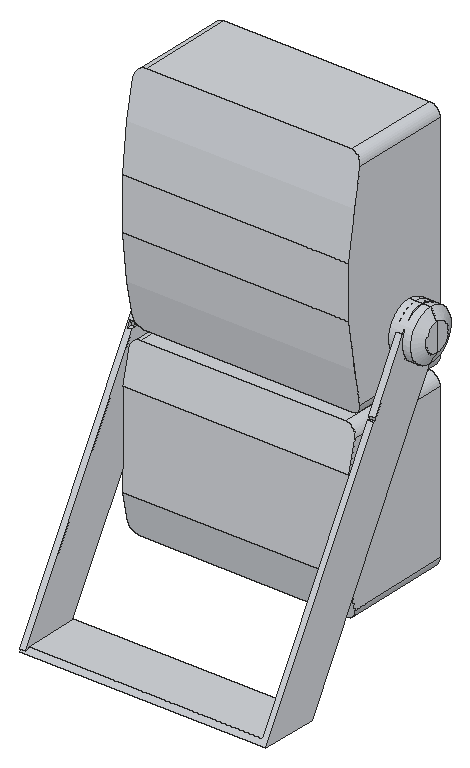
Revit family "Lighting-Proiezione-GEWISS-SMART[PRO]2.0-PROIETTORI-LED-MEDIA-POTENZA_1MODULI_DALI_CLII", category Apparecchi per illuminazione, host Superficie, Revit 2019 (continued)
Types (46, lengths in mm): name | Versioni | Tolleranza cromatica | Temperatura di colore | Spostamento_x_effettivo | Spostamento_x | Scheda Tecnica | Ottica | Modello | Lumen output (lm) | Indice di resa cromatica | IPEA | IDT | Gruppo ottico | Efficienza luminosa (lm/W) | Descrizione | Controllo abbagliamento e luminanza
  GWP2175GB - SMARTPRO2.0 1M 5700K CRI70 C4 DALI CL2 | "Luce fredda 5700K" | "SDCM = 5" | "5700K" | 2938.794 | 1061.206 | "https://www.gewiss.com/it/it/search?q=GWP2175GB" | "C4 - Circolare 15°" | "GWP2175GB" | "20500" | "CRI-70" | "STRADALE = A++ // GRANDI AREE = A6+ // CICLOPEDONALI = A3+ // AREE VERDI = A3+ // CENTRO STORICO = A8+ // ALTRO = A8+" | "4c783cc12b064a0796795d5735f2a2ce" | "Riflettore in PC HT quarzato&nbsp; e metallizzato lucido" | "124" | "SMARTPRO2.0 1M 5700K CRI70 C4 DALI CL2" | "G*6 - ULOR = 0"
  GWP2175HB - SMARTPRO2.0 1M 5700K CRI70 C3 DALI CL2 | "Luce fredda 5700K" | "SDCM = 5" | "5700K" | 2938.794 | 1061.206 | "https://www.gewiss.com/it/it/search?q=GWP2175HB" | "C3 - Circolare 20°" | "GWP2175HB" | "20500" | "CRI-70" | "STRADALE = A++ // GRANDI AREE = A6+ // CICLOPEDONALI = A3+ // AREE VERDI = A3+ // CENTRO STORICO = A8+ // ALTRO = A8+" | "1835b38bfb0f42fc9a58d75a82a83609" | "Riflettore in PC HT quarzato&nbsp; e metallizzato lucido" | "124" | "SMARTPRO2.0 1M 5700K CRI70 C3 DALI CL2" | "G*6 - ULOR = 0"
  GWP2175LB - SMARTPRO2.0 1M 5700K CRI70 C2 DALI CL2 | "Luce fredda 5700K" | "SDCM = 5" | "5700K" | 2938.794 | 1061.206 | "https://www.gewiss.com/it/it/search?q=GWP2175LB" | "C2 - Circolare 25°" | "GWP2175LB" | "20000" | "CRI-70" | "STRADALE = A++ // GRANDI AREE = A5+ // CICLOPEDONALI = A++ // AREE VERDI = A++ // CENTRO STORICO = A7+ // ALTRO = A7+" | "9cba2974a8f345478f12def89d0926a9" | "Riflettore in PC HT quarzato&nbsp; e metallizzato lucido" | "121" | "SMARTPRO2.0 1M 5700K CRI70 C2 DALI CL2" | "G*6 - ULOR = 0"
  GWP2175MB - SMARTPRO2.0 1M 5700K CRI70 C1 DALI CL2 | "Luce fredda 5700K" | "SDCM = 5" | "5700K" | 2939 | 1061 | "https://www.gewiss.com/it/it/search?q=GWP2175MB" | "C1 - Circolare 30°" | "GWP2175MB" | "20000" | "CRI-70" | "STRADALE = A++ // GRANDI AREE = A5+ // CICLOPEDONALI = A++ // AREE VERDI = A++ // CENTRO STORICO = A7+ // ALTRO = A7+" | "3ac47b2dc59540cb81c3f71e70175766" | "Riflettore in PC HT quarzato&nbsp; e metallizzato lucido" | "121" | "SMARTPRO2.0 1M 5700K CRI70 C1 DALI CL2" | "G*6 - ULOR = 0"
  GWP2184AB - SMARTPRO2.0 1M 4000K CRI80 S1 DALI CL2 | "Luce naturale 4000K" | "SDCM = 3" | "4000K" | 2938.794 | 1061.206 | "https://www.gewiss.com/it/it/search?q=GWP2184AB" | "S1 - Simmetrica Larga" | "GWP2184AB" | "18300" | "CRI-80" | "STRADALE = A+ // GRANDI AREE = A4+ // CICLOPEDONALI = A+ // AREE VERDI = A+ // CENTRO STORICO = A6+ // ALTRO = A6+" | "ebc6ba0118aa4d34a7cd2d25ca65c4fd" | "Riflettore in PC HT quarzato&nbsp; e metallizzato lucido" | "111" | "SMARTPRO2.0 1M 4000K CRI80 S1 DALI CL2" | "G*6 - ULOR = 0"
  GWP2184BB - SMARTPRO2.0 1M 4000K CRI80 S2 DALI CL2 | "Luce naturale 4000K" | "SDCM = 3" | "4000K" | 2938.794 | 1061.206 | "https://www.gewiss.com/it/it/search?q=GWP2184BB" | "S2 - Simmetrica Media" | "GWP2184BB" | "19000" | "CRI-80" | "STRADALE = A+ // GRANDI AREE = A5+ // CICLOPEDONALI = A++ // AREE VERDI = A++ // CENTRO STORICO = A6+ // ALTRO = A6+" | "a29ca0c47287455b9e39f1260c418c36" | "Parabola in alluminio anodizzato brillantato con alluminio puro 99,99%" | "115" | "SMARTPRO2.0 1M 4000K CRI80 S2 DALI CL2" | "G*6 - ULOR = 0"
  GWP2184CB - SMARTPRO2.0 1M 4000K CRI80 A1 DALI CL2 | "Luce naturale 4000K" | "SDCM = 3" | "4000K" | 2938.794 | 1061.206 | "https://www.gewiss.com/it/it/search?q=GWP2184CB" | "A1 - Asimmetrica Larga" | "GWP2184CB" | "17800" | "CRI-80" | "STRADALE = A+ // GRANDI AREE = A3+ // CICLOPEDONALI = A+ // AREE VERDI = A+ // CENTRO STORICO = A5+ // ALTRO = A5+" | "e248e19585ad4a92b93b3edfb9d8f8a9" | "Riflettore in PC HT quarzato&nbsp; e metallizzato lucido" | "108" | "SMARTPRO2.0 1M 4000K CRI80 A1 DALI CL2" | "G*4 - ULOR = 0"
  GWP2184FB - SMARTPRO2.0 1M 4000K CRI80 A2 DALI CL2 | "Luce naturale 4000K" | "SDCM = 3" | "4000K" | 2938.794 | 1061.206 | "https://www.gewiss.com/it/it/search?q=GWP2184FB" | "A2 - Asimmetrica Media" | "GWP2184FB" | "15300" | "CRI-80" | "STRADALE = B // GRANDI AREE = A+ // CICLOPEDONALI = B // AREE VERDI = B // CENTRO STORICO = A3+ // ALTRO = A3+" | "3aeba1168f95434f8c20ca6581d2223d" | "Parabola in alluminio anodizzato brillantato con alluminio puro 99,99%" | "93" | "SMARTPRO2.0 1M 4000K CRI80 A2 DALI CL2" | "G*3 - ULOR = 0"
  GWP2184GB - SMARTPRO2.0 1M 4000K CRI80 C4 DALI CL2 | "Luce naturale 4000K" | "SDCM = 3" | "4000K" | 2938.794 | 1061.206 | "https://www.gewiss.com/it/it/search?q=GWP2184GB" | "C4 - Circolare 15°" | "GWP2184GB" | "19100" | "CRI-80" | "STRADALE = A+ // GRANDI AREE = A5+ // CICLOPEDONALI = A++ // AREE VERDI = A++ // CENTRO STORICO = A6+ // ALTRO = A6+" | "fca599fbbe5c44c99e879ede29ea7695" | "Riflettore in PC HT quarzato&nbsp; e metallizzato lucido" | "116" | "SMARTPRO2.0 1M 4000K CRI80 C4 DALI CL2" | "G*6 - ULOR = 0"
  GWP2184HB - SMARTPRO2.0 1M 4000K CRI80 C3 DALI CL2 | "Luce naturale 4000K" | "SDCM = 3" | "4000K" | 2938.794 | 1061.206 | "https://www.gewiss.com/it/it/search?q=GWP2184HB" | "C3 - Circolare 20°" | "GWP2184HB" | "19100" | "CRI-80" | "STRADALE = A+ // GRANDI AREE = A5+ // CICLOPEDONALI = A++ // AREE VERDI = A++ // CENTRO STORICO = A6+ // ALTRO = A6+" | "f68c64457f234ebb9e273eadfe1585e1" | "Riflettore in PC HT quarzato&nbsp; e metallizzato lucido" | "116" | "SMARTPRO2.0 1M 4000K CRI80 C3 DALI CL2" | "G*6 - ULOR = 0"
  GWP2184LB - SMARTPRO2.0 1M 4000K CRI80 C2 DALI CL2 | "Luce naturale 4000K" | "SDCM = 3" | "4000K" | 2938.794 | 1061.206 | "https://www.gewiss.com/it/it/search?q=GWP2184LB" | "C2 - Circolare 25°" | "GWP2184LB" | "18700" | "CRI-80" | "STRADALE = A+ // GRANDI AREE = A4+ // CICLOPEDONALI = A+ // AREE VERDI = A+ // CENTRO STORICO = A6+ // ALTRO = A6+" | "510db9cbdeb14a1f88e614680fbdcf41" | "Riflettore in PC HT quarzato&nbsp; e metallizzato lucido" | "113" | "SMARTPRO2.0 1M 4000K CRI80 C2 DALI CL2" | "G*6 - ULOR = 0"
  GWP2184MB - SMARTPRO2.0 1M 4000K CRI80 C1 DALI CL2 | "Luce naturale 4000K" | "SDCM = 3" | "4000K" | 2938.794 | 1061.206 | "https://www.gewiss.com/it/it/search?q=GWP2184MB" | "C1 - Circolare 30°" | "GWP2184MB" | "18700" | "CRI-80" | "STRADALE = A+ // GRANDI AREE = A4+ // CICLOPEDONALI = A+ // AREE VERDI = A+ // CENTRO STORICO = A6+ // ALTRO = A6+" | "2a9b52f1a3f94d8db4f747967887d49b" | "Riflettore in PC HT quarzato&nbsp; e metallizzato lucido" | "113" | "SMARTPRO2.0 1M 4000K CRI80 C1 DALI CL2" | "G*6 - ULOR = 0"
  GWP2173NB - SMARTPRO2.0 1M 3000K CRI70 A3 DALI CL2 | "Luce calda 3000K" | "SDCM = 5" | "3000K" | 2938.794 | 1061.206 | "https://www.gewiss.com/it/it/search?q=GWP2173NB" | "A3 - Asimmetrica Stretta" | "GWP2173NB" | "17600" | "CRI-70" | "STRADALE = A // GRANDI AREE = A3+ // CICLOPEDONALI = A+ // AREE VERDI = A+ // CENTRO STORICO = A5+ // ALTRO = A5+" | "1b3eba2f8b794d74accf24dabacc5ce9" | "Parabola in alluminio anodizzato brillantato con alluminio puro 99,99%" | "107" | "SMARTPRO2.0 1M 3000K CRI70 A3 DALI CL2" | "G*6 - ULOR = 0"
  GWP2174NB - SMARTPRO2.0 1M 4000K CRI70 A3 DALI CL2 | "Luce naturale 4000K" | "SDCM = 5" | "4000K" | 2938.794 | 1061.206 | "https://www.gewiss.com/it/it/search?q=GWP2174NB" | "A3 - Asimmetrica Stretta" | "GWP2174NB" | "18800" | "CRI-70" | "STRADALE = A+ // GRANDI AREE = A4+ // CICLOPEDONALI = A+ // AREE VERDI = A+ // CENTRO STORICO = A6+ // ALTRO = A6+" | "8a118fedae504732b077c31655a2cfc8" | "Parabola in alluminio anodizzato brillantato con alluminio puro 99,99%" | "114" | "SMARTPRO2.0 1M 4000K CRI70 A3 DALI CL2" | "G*6 - ULOR = 0"
  GWP2175NB - SMARTPRO2.0 1M 5700K CRI70 A3 DALI CL2 | "Luce fredda 5700K" | "SDCM = 5" | "5700K" | 2939 | 1061 | "https://www.gewiss.com/it/it/search?q=GWP2175NB" | "A3 - Asimmetrica Stretta" | "GWP2175NB" | "18800" | "CRI-70" | "STRADALE = A+ // GRANDI AREE = A4+ // CICLOPEDONALI = A+ // AREE VERDI = A+ // CENTRO STORICO = A6+ // ALTRO = A6+" | "3a5b53dca4b4422f9da79bbcf37e27ab" | "Parabola in alluminio anodizzato brillantato con alluminio puro 99,99%" | "114" | "SMARTPRO2.0 1M 5700K CRI70 A3 DALI CL2" | "G*6 - ULOR = 0"
  GWP2184NB - SMARTPRO2.0 1M 4000K CRI80 A3 DALI CL2 | "Luce naturale 4000K" | "SDCM = 3" | "4000K" | 2938.794 | 1061.206 | "https://www.gewiss.com/it/it/search?q=GWP2184NB" | "A3 - Asimmetrica Stretta" | "GWP2184NB" | "17600" | "CRI-80" | "STRADALE = A // GRANDI AREE = A3+ // CICLOPEDONALI = A+ // AREE VERDI = A+ // CENTRO STORICO = A5+ // ALTRO = A5+" | "44936a2a5e034791af2c92c80339c9aa" | "Parabola in alluminio anodizzato brillantato con alluminio puro 99,99%" | "107" | "SMARTPRO2.0 1M 4000K CRI80 A3 DALI CL2" | "G*6 - ULOR = 0"
  GWP2183AB - SMARTPRO2.0 1M 3000K CRI80 S1 DALI CL2 | "Luce calda 3000K" | "SDCM = 3" | "3000K" | 2938.794 | 1061.206 | "https://www.gewiss.com/it/it/search?q=GWP2183AB" | "S1 - Simmetrica Larga" | "GWP2183AB" | "17000" | "CRI-80" | "STRADALE = A // GRANDI AREE = A3+ // CICLOPEDONALI = A // AREE VERDI = A // CENTRO STORICO = A4+ // ALTRO = A4+" | "6945c8575d8646da8a31af0270ac8c5b" | "Riflettore in PC HT quarzato&nbsp; e metallizzato lucido" | "103" | "SMARTPRO2.0 1M 3000K CRI80 S1 DALI CL2" | "G*6 - ULOR = 0"
  GWP2183BB - SMARTPRO2.0 1M 3000K CRI80 S2 DALI CL2 | "Luce calda 3000K" | "SDCM = 3" | "3000K" | 2938.794 | 1061.206 | "https://www.gewiss.com/it/it/search?q=GWP2183BB" | "S2 - Simmetrica Media" | "GWP2183BB" | "17600" | "CRI-80" | "STRADALE = A // GRANDI AREE = A3+ // CICLOPEDONALI = A+ // AREE VERDI = A+ // CENTRO STORICO = A5+ // ALTRO = A5+" | "59b50f05c63d4d1a94b414dad8fdc0d7" | "Parabola in alluminio anodizzato brillantato con alluminio puro 99,99%" | "107" | "SMARTPRO2.0 1M 3000K CRI80 S2 DALI CL2" | "G*6 - ULOR = 0"
  GWP2183CB - SMARTPRO2.0 1M 3000K CRI80 A1 DALI CL2 | "Luce calda 3000K" | "SDCM = 3" | "3000K" | 2938.794 | 1061.206 | "https://www.gewiss.com/it/it/search?q=GWP2183CB" | "A1 - Asimmetrica Larga" | "GWP2183CB" | "16500" | "CRI-80" | "STRADALE = A // GRANDI AREE = A++ // CICLOPEDONALI = A // AREE VERDI = A // CENTRO STORICO = A4+ // ALTRO = A4+" | "5e22c3574101407eba6c1e931fedc326" | "Riflettore in PC HT quarzato&nbsp; e metallizzato lucido" | "100" | "SMARTPRO2.0 1M 3000K CRI80 A1 DALI CL2" | "G*4 - ULOR = 0"
  GWP2183FB - SMARTPRO2.0 1M 3000K CRI80 A2 DALI CL2 | "Luce calda 3000K" | "SDCM = 3" | "3000K" | 2938.794 | 1061.206 | "https://www.gewiss.com/it/it/search?q=GWP2183FB" | "A2 - Asimmetrica Media" | "GWP2183FB" | "14200" | "CRI-80" | "STRADALE = C // GRANDI AREE = A+ // CICLOPEDONALI = C // AREE VERDI = C // CENTRO STORICO = A++ // ALTRO = A++" | "c4545d2269934ee3acbc7c9c04e4d08c" | "Parabola in alluminio anodizzato brillantato con alluminio puro 99,99%" | "86" | "SMARTPRO2.0 1M 3000K CRI80 A2 DALI CL2" | "G*3 - ULOR = 0"
  GWP2183GB - SMARTPRO2.0 1M 3000K CRI80 C4 DALI CL2 | "Luce calda 3000K" | "SDCM = 3" | "3000K" | 2938.794 | 1061.206 | "https://www.gewiss.com/it/it/search?q=GWP2183GB" | "C4 - Circolare 15°" | "GWP2183GB" | "17800" | "CRI-80" | "STRADALE = A+ // GRANDI AREE = A3+ // CICLOPEDONALI = A+ // AREE VERDI = A+ // CENTRO STORICO = A5+ // ALTRO = A5+" | "a577a2d4e2af455f8eddfd11a6332555" | "Riflettore in PC HT quarzato&nbsp; e metallizzato lucido" | "108" | "SMARTPRO2.0 1M 3000K CRI80 C4 DALI CL2" | "G*6 - ULOR = 0"
  GWP2183HB - SMARTPRO2.0 1M 3000K CRI80 C3 DALI CL2 | "Luce calda 3000K" | "SDCM = 3" | "3000K" | 2938.794 | 1061.206 | "https://www.gewiss.com/it/it/search?q=GWP2183HB" | "C3 - Circolare 20°" | "GWP2183HB" | "17800" | "CRI-80" | "STRADALE = A+ // GRANDI AREE = A3+ // CICLOPEDONALI = A+ // AREE VERDI = A+ // CENTRO STORICO = A5+ // ALTRO = A5+" | "271c46bef79e4c08a159166f28edfed5" | "Riflettore in PC HT quarzato&nbsp; e metallizzato lucido" | "108" | "SMARTPRO2.0 1M 3000K CRI80 C3 DALI CL2" | "G*6 - ULOR = 0"
  GWP2183LB - SMARTPRO2.0 1M 3000K CRI80 C2 DALI CL2 | "Luce calda 3000K" | "SDCM = 3" | "3000K" | 2938.794 | 1061.206 | "https://www.gewiss.com/it/it/search?q=GWP2183LB" | "C2 - Circolare 25°" | "GWP2183LB" | "17400" | "CRI-80" | "STRADALE = A // GRANDI AREE = A3+ // CICLOPEDONALI = A+ // AREE VERDI = A+ // CENTRO STORICO = A5+ // ALTRO = A5+" | "c421512efce04ec3ad726cb802a7a4a1" | "Riflettore in PC HT quarzato&nbsp; e metallizzato lucido" | "105" | "SMARTPRO2.0 1M 3000K CRI80 C2 DALI CL2" | "G*6 - ULOR = 0"
  GWP2183MB - SMARTPRO2.0 1M 3000K CRI80 C1 DALI CL2 | "Luce calda 3000K" | "SDCM = 3" | "3000K" | 2938.794 | 1061.206 | "https://www.gewiss.com/it/it/search?q=GWP2183MB" | "C1 - Circolare 30°" | "GWP2183MB" | "17400" | "CRI-80" | "STRADALE = A // GRANDI AREE = A3+ // CICLOPEDONALI = A+ // AREE VERDI = A+ // CENTRO STORICO = A5+ // ALTRO = A5+" | "23f63de9f2054a699c469bd16c4e05ad" | "Riflettore in PC HT quarzato&nbsp; e metallizzato lucido" | "105" | "SMARTPRO2.0 1M 3000K CRI80 C1 DALI CL2" | "G*6 - ULOR = 0"
  GWP2183NB - SMARTPRO2.0 1M 3000K CRI80 A3 DALI CL2 | "Luce calda 3000K" | "SDCM = 3" | "3000K" | 2938.794 | 1061.206 | "https://www.gewiss.com/it/it/search?q=GWP2183NB" | "A3 - Asimmetrica Stretta" | "GWP2183NB" | "16300" | "CRI-80" | "STRADALE = A // GRANDI AREE = A++ // CICLOPEDONALI = A // AREE VERDI = A // CENTRO STORICO = A4+ // ALTRO = A4+" | "b4e268d283b447f6b7dbc49445563f98" | "Parabola in alluminio anodizzato brillantato con alluminio puro 99,99%" | "99" | "SMARTPRO2.0 1M 3000K CRI80 A3 DALI CL2" | "G*6 - ULOR = 0"
